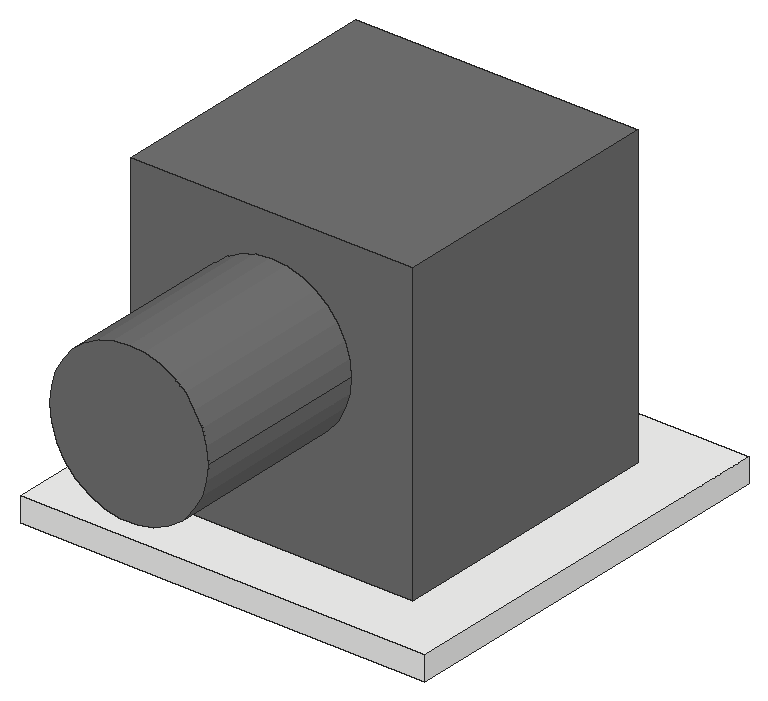
Revit family "vd-10zlcu14-s_60Hz", category 機械設備, Revit 2019
Family settings
  丸型コネクタ寸法 = 直径を使用
  パーツ タイプ = 標準
  OmniClass 番号 = 23.75.35.17.27
  OmniClass タイトル = Centrifugal Fans
  作業面ベース = いいえ
  常に垂直 = はい
  ロード時にボイドで切り取り = いいえ
  共有 = いいえ
  部屋計算ポイント = はい
Parameters (values of type "VD-10ZLCU14-S")
  騒音レベル(dB(A)) [instance] = 23.5
  風量 [instance] = 95.0 m³/h
  電源種別 [instance] = ""
  電圧 = 100 V
  電動機出力 = 0 W
  電動機_種別 [instance] = ""
  運転質量 = 0.00 kg
  連動 [instance] = ""
  質量 = if(製品質量 > 運転質量, 製品質量, 運転質量) * 1.2  # 1.68 kg
  負荷分類 = 3_ファン類
  説明 = "ダクト用換気扇 低騒音形 24時間換気機能付"
  設計風量 [instance] = 0.0 m³/h
  設置方法 = "天埋"
  記号 [instance] = ""
  製造元 = "三菱電機株式会社"
  製品質量 = 1.40 kg
  製品出荷対象 = "国内"
  製品リリース年月 = "2024年4月1日"
  製品グループ = ""
  系統 [instance] = ""
  符号 [instance] = if(☑給気／□排気, "FS", "FE")  # "FE"
  積算_科目 = "2 換気設備"
  積算_拾い区分 [instance] = ""
  相 = 1
  盤記号 [instance] = ""
  発停方法 [instance] = ""
  特殊仕様 [instance] = ""
  火災停止 [instance] = ""
  消費電力 = 9.3 W
  法定耐用年数 = "15"
  機外静圧 [instance] = 0.0 Pa
  極数 = 2
  材質 [instance] = ""
  操作・制御方式 = ""
  操作・制御スイッチ = ""
  排気量 [instance] = if(☑給気／□排気, 0.0 m³/h, 設計風量)  # 0.0 m³/h
  形式 = "天井埋込ダクト形"
  幹線記号 [instance] = ""
  対象室 [instance] = ""
  実風量 [instance] = 0.0 m³/h
  始動方式 [instance] = "直入"
  外気量 [instance] = if(☑給気／□排気, 設計風量, 0.0 m³/h)  # 0.0 m³/h
  呼称 = "天井扇"
  周波数 = 60 Hz
  参照している仕様書等のバージョン = ""
  分類コード = "50052503100030"
  分類グループ = ""
  価格 = 27800
  企業コード = "108420"
  付属品_防振装置 = ""
  付属品 [instance] = ""
  仕様書バージョン = "Version1.0"
  モデル = "VD-10ZLCU14-S"
  マテリアル = 合成樹脂(黒)
  ファンの種類 = ""
  ダクト径 = 100 mm
  コメント [instance] = ""
  Keynote = ""
  カバーマテリアル = 合成樹脂(白)
  ☑給気／□排気 [instance] = no
  Width = 174 mm
  W1 = 250 mm
  Version = ""
  Uniclass2015Version = "Systems v1.9"
  Uniclass2015Title = "Centrifugal fans"
  Uniclass2015Code = "Pr_65_67_29_12"
  URL = "https://www.mitsubishielectric.co.jp/ldg/wink/qr/002/333569/"
  SpecificationReference = ""
  SpecificationDescription = ""
  Revision = ""
  ProductInformation = ""
  OmniClassCode = "23-33 31 19 11 15"
  MIN風量 = 55.0 m³/h
  MIN静圧 = 0.0 Pa
  MID風量 = 0.0 m³/h
  MID静圧 = 0.0 Pa
  MAX風量 = 95.0 m³/h
  MAX静圧 = 0.0 Pa
  IfcTypeProduct = ""
  IfcProduct = ""
  IfcExportType = "PROPELLORAXIAL"
  IfcExportAs = "IfcFanType"
  Height = 184 mm
  H1 = 15 mm
  EAサイズ_D = 98 mm
  Duct_Height = 110 mm
  Duct_Depth = 110 mm
  Duct_Center = 0 mm
  Depth = 174 mm
  D1 = 250 mm
  Author = "三菱電機株式会社"
Reference planes
  plane 1 "中心(正面/背面)": y = 0
  plane 2: z = 0
  plane 3 "中心(左/右)": x = 0
  plane 4: x = -125
  plane 5: x = 125
  plane 6: y = 125
  plane 7: y = -125
  plane 8: x = -87
  plane 9: x = 87
  plane 10: y = 87
  plane 11: y = -87
  plane 12: y = -197
  plane 13: z = 184
  plane 14: z = -15
  plane 15: z = 110
  plane 16: x = 0
Forms (mm)
  Extrusion 1, solid, material "合成樹脂(黒)" <- "マテリアル", detail levels fine
    sketch origin (0, 0, 0) x (1, 0, 0) y (0, 1, 0)
      loop
        line (-87, 87) -> (-87, -87) -> (87, -87) -> (87, 87) -> (-87, 87)
    from 0 to 184
  Extrusion 2, solid, material "合成樹脂(白)" <- "カバーマテリアル", detail levels fine
    sketch origin (0, 0, 0) x (1, 0, 0) y (0, 1, 0)
      loop
        line (-125, 125) -> (-125, -125) -> (125, -125) -> (125, 125) -> (-125, 125)
    from 0 to -15
  Extrusion 3, solid, material "合成樹脂(黒)" <- "マテリアル", detail levels fine
    sketch origin (0, 0, 0) x (1, 0, 0) y (0, 0, 1)
      loop
        circle (0, 110) r 49
    from 87 to 197
Dimensions and locks
  equal spacing: plane 4, plane 3 "中心(左/右)", plane 5
  "W1": plane 4 to plane 5
  equal spacing: plane 6, plane 1 "中心(正面/背面)", plane 7
  "D1": plane 6 to plane 7
  equal spacing: plane 8, plane 3 "中心(左/右)", plane 9
  "Width": plane 8 to plane 9
  equal spacing: plane 10, plane 1 "中心(正面/背面)", plane 11
  "Depth": plane 10 to plane 11
  "Duct_Depth": plane 11 to plane 12
  "Height": plane 13 to plane 2
  "Duct_Height": plane 15 to plane 2
  "H1": plane 2 to plane 14
  "Duct_Center": plane 3 "中心(左/右)" to plane 16
  "EAサイズ_D": diameter of Extrusion 3 sketch curve
  aligned and locked: level to plane 2
  aligned and locked: plane 5 to Extrusion 2
  aligned and locked: plane 6 to Extrusion 2
  aligned and locked: Extrusion 2 to plane 4
  aligned and locked: Extrusion 2 to plane 7
  aligned and locked: plane 9 to Extrusion 1
  aligned and locked: Extrusion 1 to plane 11
  aligned and locked: Extrusion 1 to plane 8
  aligned and locked: plane 10 to Extrusion 1
  aligned and locked: plane 13 to Extrusion 1
  aligned and locked: Extrusion 2 to plane 14
  aligned and locked: level to Extrusion 2
  aligned and locked: Extrusion 1 to level
  aligned and locked: Extrusion 3 to plane 12
  aligned and locked: plane 11 to Extrusion 3
Automatic sketch dimensions
  Extrusion 1 sketch curve to plane 3 "中心(左/右)" = 87 mm
  plane 3 "中心(左/右)" to Extrusion 1 sketch curve = 87 mm
  Extrusion 2 sketch curve to plane 3 "中心(左/右)" = 125 mm
  plane 3 "中心(左/右)" to Extrusion 2 sketch curve = 125 mm
  plane 1 "中心(正面/背面)" to Extrusion 1 sketch curve = 87 mm
  Extrusion 1 sketch curve to plane 1 "中心(正面/背面)" = 87 mm
  plane 1 "中心(正面/背面)" to Extrusion 2 sketch curve = 125 mm
  Extrusion 2 sketch curve to plane 1 "中心(正面/背面)" = 125 mm
  Extrusion 3 sketch curve to plane 15 = 0 mm
  Extrusion 3 sketch curve to plane 16 = 0 mm
Nested families
  nested 1: "記号_天井換気扇_平面" at (0, 0, 0), type "記号_天井換気扇_平面", detail levels coarse+medium
Connectors
  hvac at (0, -197, 110), driven by "ダクト径", driven by "風量", driven by "機外静圧"
    settings: on Extrusion 3, index 1, duct flow 95.0 m³/h, flow factor 0, pres drop 0.0 Pa, loss coef 0, conn angle 0.00°, conn width 304.8 mm, conn height 304.8 mm, conn diameter 100 mm, duct sys type 3, conn prof type 0, flow config 0, flow direction 2, loss method 4, conn ref index -1, conn util no, is conn primary yes, conn desc ""
  electrical at (0, 0, 184), driven by "極数", driven by "負荷分類", driven by "電圧", driven by "消費電力"
    settings: on Extrusion 1, index 2, voltage 100 V, apparent load 9.3 VA, apparent load phase1 0 VA, apparent load phase2 0 VA, apparent load phase3 0 VA, power factor 1, load classification "3_ファン類", number of poles 2, system type 30, power factor state 1, is connector primary yes, connector utility no, sub classification motor no, connector description ""
Definition of nested family "記号_天井換気扇_平面"
  Reference planes
    plane 1: y = 0
    plane 2: x = 0
  Lines and regions (mm)
    detail lines
      curve 1: line (-2.5, 2.5, 0) -> (2.5, 2.5, 0)
      curve 2: line (-2.5, -2.5, 0) -> (-2.5, 2.5, 0)
      curve 3: line (2.5, -2.5, 0) -> (-2.5, -2.5, 0)
      curve 4: line (2.5, 2.5, 0) -> (2.5, -2.5, 0)
      curve 5: circle (-1.04, -1.04, 0) r 1.46 normal (0, 0, 1)
      curve 6: circle (1.04, 1.04, 0) r 1.46 normal (0, 0, 1)
      curve 7: line (-3.125, 3.125, 0) -> (3.125, 3.125, 0)
      curve 8: line (-3.125, -3.125, 0) -> (-3.125, 3.125, 0)
      curve 9: line (3.125, -3.125, 0) -> (-3.125, -3.125, 0)
      curve 10: line (3.125, 3.125, 0) -> (3.125, -3.125, 0)
      curve 11: circle (1.295, 1.295, 0) r 1.83 normal (0, 0, 1)
      curve 12: circle (-1.295, -1.295, 0) r 1.83 normal (0, 0, 1)
      curve 13: line (-2, 2, 0) -> (2, 2, 0)
      curve 14: line (-2, -2, 0) -> (-2, 2, 0)
      curve 15: line (2, -2, 0) -> (-2, -2, 0)
      curve 16: line (2, 2, 0) -> (2, -2, 0)
      curve 17: circle (0.84, 0.84, 0) r 1.16 normal (0, 0, 1)
      curve 18: circle (-0.84, -0.84, 0) r 1.2 normal (0, 0, 1)
